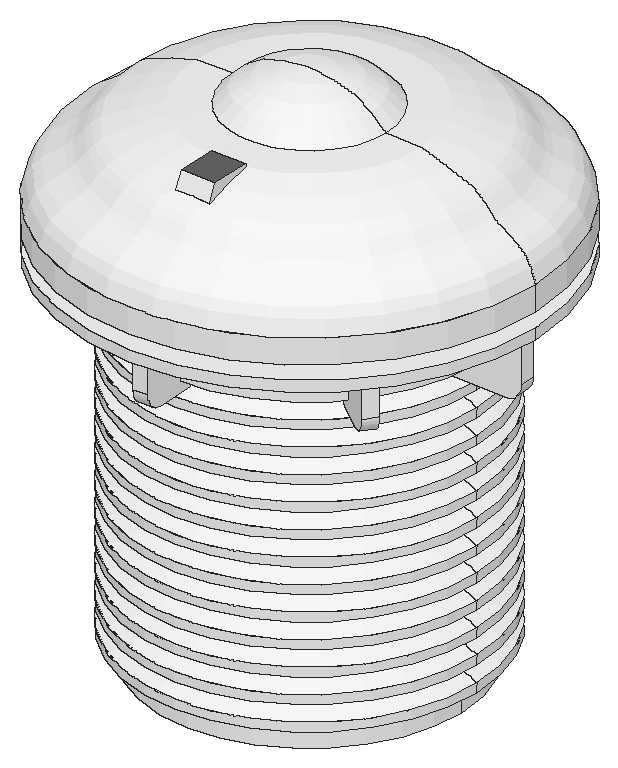
Revit family "NX_Low_Mount_Indoor_Sensor_Module", category Communication Devices, host Face, Revit 2014
Parameters
  Width = 1.60"
  Warranty = "5-Years Warranty"  # constant formula
  Type Comments = "Low Mount Indoor Sensor Module"  # constant formula
  Timer Timeout = "Automatic mode: 1 sec – 20 min"
  Technology = "Passive Infrared"
  Standby Power = "120VAC: 0.1,277VAC: 0.1,347VAC: 0.2"
  Sensor Type = "Low Mount Indoor"
  Product Page URL = "https://www.hubbell.com/hubbellcontrolsolutions/en/Products/Lighting-Controls/Lighting-Controls-Sensors/NX-Distributed-Intelligence-Lighting-Controls/NX-Low-Mount-Indoor-Sensor-Module/p/2496467"
  Product Documentation Link = "https://hubbellcdn.com/specsheet/NX_Low_Mount_Indoor_Sensor_Module_Specification_Sheet.pdf"
  URL = "https://www.hubbell.com/hubbellcontrolsolutions/en"
  Mounting = "Mounts in 1.2” diameter aperture, secured by supplied nut on threaded body\r\nRecommended max mounting height: 14 ft. [4.27 m], min 8’"
  Model = "Low Mount Indoor Sensor Module"  # constant formula
  Manufacturer = "Hubbell Control Solutions"  # constant formula
  Features = "•Compact, discrete, low profile luminaire sensor •\r\nPIR motion sensor for automatic On/Off control\r\n•Integrated daylight sensor for daylight harvesting and/or lumen maintenance\r\n•\r\nBluetooth radio provides wireless control of luminaire\r\n•\r\nEasy sensor configuration using smart device App\r\n•Enables Intelliscope™ feature when paired with NX Bluetooth mobile App, providing real time visibility of motion for improved accuracy of sensor sensitivity and time delay adjustments\r\n•Non-volatile memory for sensor settings\r\n•\r\nSimple plug-in connection to NX Fixture Modules"  # constant formula
  Coverage = "1:1 (mounting height : coverage radius) up to 14’, min 8’"
  Certifications = "Bluetooth® Version 4.1,FCC Part 15.247,FCC ID: YH9NXSMP,IC: 9044A-NXSMP"  # constant formula
  Black = Paint - Hubbell - Carbon Black
  White = Paint - Hubbell - Matte White
  Description = "The Hubbell Control Solutions NXSMP Low Mount Sensor Indoor Module provides a unique solution for integrating automatic control functions directly into a luminaire."  # constant formula
  Default Elevation = 48.00"
  Create Date = "10/25/2018"
  Copyright = "Copyright © 2018 Hubbell Control Solutions"  # constant formula
  Contact Us = "https://www.hubbell.com/hubbellcontrolsolutions/en/contactUs?productId=2496467"
  Assembly Code = "D5090"
Reference planes (in)
  plane 1 "Center (Front/Back)": y = 13.01342
  plane 2: z = 0
  plane 3 "Center (Left/Right)": x = 0
  plane 4: z = 1.3
  plane 5: x = 0.8
  plane 6: x = -0.8
  plane 7: x = 0.6
  plane 8: x = -0.6
  plane 9: z = 1.9
Forms (in)
  Revolve 1, solid, material "Paint - Hubbell - Matte White" <- "White"
    sketch origin (0, 13.01342, 0) x (1, 0, 0) y (0, 0, 1)
      loop
        line (0, 1.9) -> (0, 0)
        spline (0, 0) -> (0.06578, 0.00012) -> (0.12719, 0.00049) -> (0.18444, 0.00114) -> (0.23771, 0.00211) -> (0.28721, 0.00342) -> (0.33312, 0.00511) -> (0.37564, 0.00719) -> (0.41496, 0.00971) -> (0.45128, 0.01268) -> (0.48479, 0.01615) -> (0.51569, 0.02014) -> (0.54416, 0.02467)
        line (0.54416, 0.02467) -> (0.54416, 0.08263) -> (0.6, 0.10866) -> (0.6, 0.13966) -> (0.53889, 0.16816) -> (0.6, 0.19665) -> (0.6, 0.22765) -> (0.53889, 0.25615) -> (0.6, 0.28464) -> (0.6, 0.31564) -> (0.53889, 0.34413) -> (0.6, 0.37263) -> (0.6, 0.40363) -> (0.53889, 0.43212) -> (0.6, 0.46062) -> (0.6, 0.49162) -> (0.53889, 0.52011) -> (0.6, 0.54861) -> (0.6, 0.57961) -> (0.53889, 0.6081) -> (0.6, 0.6366) -> (0.6, 0.6676) -> (0.53889, 0.69609) -> (0.6, 0.72458) -> (0.6, 0.75558) -> (0.53889, 0.78408) -> (0.6, 0.81257) -> (0.6, 0.84357) -> (0.53889, 0.87207) -> (0.6, 0.90056) -> (0.6, 0.93156) -> (0.53889, 0.96006) -> (0.6, 0.98855) -> (0.6, 1.01955) -> (0.53889, 1.04804) -> (0.6, 1.07654) -> (0.6, 1.10754) -> (0.53889, 1.13603) -> (0.6, 1.16453) -> (0.6, 1.19553) -> (0.53889, 1.22402) -> (0.6, 1.25252) -> (0.6, 1.28352) -> (0.53889, 1.31201) -> (0.80781, 1.31201) -> (0.80781, 1.48634)
        spline (0.80781, 1.48634) -> (0.78398, 1.55102) -> (0.74923, 1.5879) -> (0.70613, 1.61547) -> (0.67219, 1.63915) -> (0.64585, 1.66554) -> (0.62107, 1.69308) -> (0.59292, 1.71598) -> (0.56047, 1.73342) -> (0.51873, 1.74897) -> (0.46004, 1.76803) -> (0.37918, 1.78545) -> (0.27339, 1.78544)
        spline (0.27339, 1.78544) -> (0.25813, 1.80274) -> (0.24151, 1.81862) -> (0.22351, 1.83309) -> (0.20415, 1.84616) -> (0.18342, 1.85782) -> (0.16132, 1.86807) -> (0.13786, 1.87691) -> (0.11302, 1.88435) -> (0.08682, 1.89037) -> (0.05925, 1.89499) -> (0.03031, 1.8982) -> (0, 1.9)
      axis (0, 1.9) -> (0, 0)
    angle from 0 to 360
  Extrusion 2, void
    sketch origin (0, 0, 0) x (1, 0, 0) y (0, 1, 0)
      loop
        circle (0, 13.01342) r 0.9
      loop
        circle (0, 13.01342) r 0.64901
    from 1.4 to 1.35
  Extrusion 3, solid, material "Paint - Hubbell - Matte White" <- "White"
    sketch origin (0, 13.01342, -0.1587) x (1, 0, 0) y (0, 0, 1)
      loop
        line (0.54058, 1.4781) -> (0.54058, 1.28365) -> (0.73833, 1.28365)
        arc (0.73833, 1.28365) -> (0.78194, 1.30172) -> (0.8, 1.34532) r 0.06167
        line (0.8, 1.34532) -> (0.8, 1.4781) -> (0.54058, 1.4781)
    from 0.05 to 0
  Extrusion 4, solid, material "Paint - Hubbell - Matte White" <- "White"
    sketch origin (0, 13.01342, -0.1587) x (0.806364, -0.591419, 0) y (0, 0, 1)
      loop
        line (0.54058, 1.4781) -> (0.54058, 1.28365) -> (0.68833, 1.28365)
        arc (0.68833, 1.28365) -> (0.73194, 1.30172) -> (0.75, 1.34532) r 0.06167
        line (0.75, 1.34532) -> (0.75, 1.4781) -> (0.54058, 1.4781)
    from 0.05 to 0
  Extrusion 5, solid, material "Paint - Hubbell - Matte White" <- "White"
    sketch origin (0, 13.01342, -0.1587) x (0.028208, -0.999602, 0) y (0, 0, 1)
      loop
        line (0.54058, 1.4781) -> (0.54058, 1.28365) -> (0.68833, 1.28365)
        arc (0.68833, 1.28365) -> (0.73194, 1.30172) -> (0.75, 1.34532) r 0.06167
        line (0.75, 1.34532) -> (0.75, 1.4781) -> (0.54058, 1.4781)
    from 0.05 to 0
  Extrusion 6, solid, material "Paint - Hubbell - Matte White" <- "White"
    sketch origin (0, 13.01342, -0.1587) x (-1, 0, 0) y (0, 0, -1)
      loop
        line (0.54058, -1.4781) -> (0.8, -1.4781) -> (0.8, -1.34532)
        arc (0.8, -1.34532) -> (0.78194, -1.30172) -> (0.73833, -1.28365) r 0.06167
        line (0.73833, -1.28365) -> (0.54058, -1.28365) -> (0.54058, -1.4781)
    from 0.05 to 0
  Extrusion 7, solid, material "Paint - Hubbell - Matte White" <- "White"
    sketch origin (0, 13.01342, -0.1587) x (-0.806364, -0.591419, 0) y (0, 0, -1)
      loop
        line (0.54058, -1.4781) -> (0.75, -1.4781) -> (0.75, -1.34532)
        arc (0.75, -1.34532) -> (0.73194, -1.30172) -> (0.68833, -1.28365) r 0.06167
        line (0.68833, -1.28365) -> (0.54058, -1.28365) -> (0.54058, -1.4781)
    from 0.05 to 0
  Extrusion 8, solid, material "Paint - Hubbell - Matte White" <- "White"
    sketch origin (0, 13.01342, -0.1587) x (0.806364, 0.591419, 0) y (0, 0, -1)
      loop
        line (0.54058, -1.4781) -> (0.75, -1.4781) -> (0.75, -1.34532)
        arc (0.75, -1.34532) -> (0.73194, -1.30172) -> (0.68833, -1.28365) r 0.06167
        line (0.68833, -1.28365) -> (0.54058, -1.28365) -> (0.54058, -1.4781)
    from 0.05 to 0
  Extrusion 9, solid, material "Paint - Hubbell - Matte White" <- "White"
    sketch origin (0, 13.01342, -0.1587) x (0.028208, 0.999602, 0) y (0, 0, -1)
      loop
        line (0.54058, -1.4781) -> (0.75, -1.4781) -> (0.75, -1.34532)
        arc (0.75, -1.34532) -> (0.73194, -1.30172) -> (0.68833, -1.28365) r 0.06167
        line (0.68833, -1.28365) -> (0.54058, -1.28365) -> (0.54058, -1.4781)
    from 0.05 to 0
  Extrusion 10, solid, material "Paint - Hubbell - Matte White" <- "White"
    sketch origin (0, 13.01342, -0.1587) x (-0.806364, 0.591419, 0) y (0, 0, 1)
      loop
        line (0.54058, 1.4781) -> (0.54058, 1.28365) -> (0.68833, 1.28365)
        arc (0.68833, 1.28365) -> (0.73194, 1.30172) -> (0.75, 1.34532) r 0.06167
        line (0.75, 1.34532) -> (0.75, 1.4781) -> (0.54058, 1.4781)
    from 0.05 to 0
  Blend 11, solid, material "Paint - Hubbell - Matte White" <- "White"
    base sketch origin (0, 0, 0) x (1, 0, 0) y (0, 1, 0)
      loop
        line (-0.03496, 12.44825) -> (0.08513, 12.44825) -> (0.08513, 12.62267) -> (-0.03496, 12.62267) -> (-0.03496, 12.44825)
    top sketch origin (0, 0, 0) x (1, 0, 0) y (0, 1, 0)
      loop
        line (0.08513, 12.62267) -> (-0.03496, 12.62267) -> (-0.03496, 12.48598) -> (0.08513, 12.48598) -> (0.08513, 12.62267)
    from 1.70527 to 1.79
Cuts and joins
  Extrusion 2 cuts Revolve 1
  joined: Revolve 1, Blend 11
Dimensions and locks (in)
  plane 9 to plane 4 to plane 2 = 0.60", 1.30"
  plane 9 to plane 4 = 0.60"
  equal spacing: plane 5, plane 3 "Center (Left/Right)", plane 6
  "Width": plane 5 to plane 6
  aligned and locked: plane 2 to host face
  aligned and locked: level to host face
Automatic sketch dimensions
  host sketch curve to host sketch curve = 96.00"  (x2)
  Revolve 1 sketch curve to plane 3 "Center (Left/Right)" = 0.00"  (x2)
  Revolve 1 sketch curve to plane 7 = 0.00"  (x14)
  Revolve 1 sketch curve to level = 0.00"
  Revolve 1 sketch curve to plane 9 = 0.00"
  plane 9 to Revolve 1 sketch curve = 0.11456"
  plane 3 "Center (Left/Right)" to Revolve 1 sketch curve = 0.27339"
  Revolve 1 sketch curve to plane 7 = 0.06111"  (x14)
  Revolve 1 sketch curve to plane 4 = 0.01201"
  Revolve 1 sketch curve to plane 7 = 0.05584"
  plane 5 to Revolve 1 sketch curve = 0.00781"
  level to Revolve 1 sketch curve = 0.02467"
  Revolve 1 sketch curve to Revolve 1 sketch curve = 0.05795"
  Revolve 1 sketch curve to Revolve 1 sketch curve = 0.02604"
  Revolve 1 sketch curve to Revolve 1 sketch curve = 0.031"  (x13)
  Revolve 1 sketch curve to Revolve 1 sketch curve = 0.02849"  (x13)
  Revolve 1 sketch curve to Revolve 1 sketch curve = 0.05699"  (x12)
  plane 4 to Revolve 1 sketch curve = 0.04748"
  plane 4 to Revolve 1 sketch curve = 0.01648"
  Revolve 1 sketch curve to Revolve 1 sketch curve = 0.17432"
  Revolve 1 sketch curve to level = 24.00"
  Revolve 1 sketch curve to Revolve 1 sketch curve = 53.62668"
  Extrusion 2 sketch curve to Extrusion 2 sketch curve = 0.00"  (x2)
  plane 1 "Center (Front/Back)" to Extrusion 2 sketch curve = 0.00"
  Extrusion 2 sketch curve to plane 3 "Center (Left/Right)" = 0.00"
  Extrusion 3 sketch curve to plane 5 = 0.00"
  plane 4 to Extrusion 3 sketch curve = 0.17505"
  Extrusion 3 sketch curve to plane 5 = 0.06167"
  Extrusion 3 sketch curve to plane 7 = 0.05942"
  Extrusion 3 sketch curve to Extrusion 3 sketch curve = 0.13277"
  Extrusion 4 sketch curve to plane 4 = 0.0194"
  plane 4 to Extrusion 4 sketch curve = 0.11337"
  Extrusion 4 sketch curve to Extrusion 4 sketch curve = 0.14775"
  Extrusion 4 sketch curve to Extrusion 4 sketch curve = 0.06167"
  Extrusion 5 sketch curve to plane 4 = 0.0194"
  plane 4 to Extrusion 5 sketch curve = 0.11337"
  Extrusion 5 sketch curve to Extrusion 5 sketch curve = 0.14775"
  Extrusion 5 sketch curve to Extrusion 5 sketch curve = 0.06167"
  Extrusion 6 sketch curve to plane 6 = 0.00"
  Extrusion 6 sketch curve to plane 4 = 0.17505"
  Extrusion 6 sketch curve to plane 6 = 0.06167"
  Extrusion 6 sketch curve to plane 8 = 0.05942"
  Extrusion 6 sketch curve to Extrusion 6 sketch curve = 0.13277"
  Extrusion 7 sketch curve to plane 4 = 0.0194"
  plane 4 to Extrusion 7 sketch curve = 0.11337"
  Extrusion 7 sketch curve to Extrusion 7 sketch curve = 0.14775"
  Extrusion 7 sketch curve to Extrusion 7 sketch curve = 0.06167"
  Extrusion 8 sketch curve to plane 4 = 0.0194"
  plane 4 to Extrusion 8 sketch curve = 0.11337"
  Extrusion 8 sketch curve to Extrusion 8 sketch curve = 0.14775"
  Extrusion 8 sketch curve to Extrusion 8 sketch curve = 0.06167"
  Extrusion 9 sketch curve to plane 4 = 0.0194"
  plane 4 to Extrusion 9 sketch curve = 0.11337"
  Extrusion 9 sketch curve to Extrusion 9 sketch curve = 0.14775"
  Extrusion 9 sketch curve to Extrusion 9 sketch curve = 0.06167"
  Extrusion 10 sketch curve to plane 4 = 0.0194"
  plane 4 to Extrusion 10 sketch curve = 0.11337"
  Extrusion 10 sketch curve to Extrusion 10 sketch curve = 0.14775"
  Extrusion 10 sketch curve to Extrusion 10 sketch curve = 0.06167"
  Blend 11 sketch curve to plane 3 "Center (Left/Right)" = 0.03496"  (x2)
  plane 3 "Center (Left/Right)" to Blend 11 sketch curve = 0.08513"  (x2)
  plane 1 "Center (Front/Back)" to Blend 11 sketch curve = 0.56516"
  Blend 11 sketch curve to Blend 11 sketch curve = 0.17442"
  plane 1 "Center (Front/Back)" to Blend 11 sketch curve = 0.52744"
  Blend 11 sketch curve to Blend 11 sketch curve = 0.13669"
  radius of Extrusion 2 sketch curve = 0.90"
  radius of Extrusion 2 sketch curve = 0.64901"
